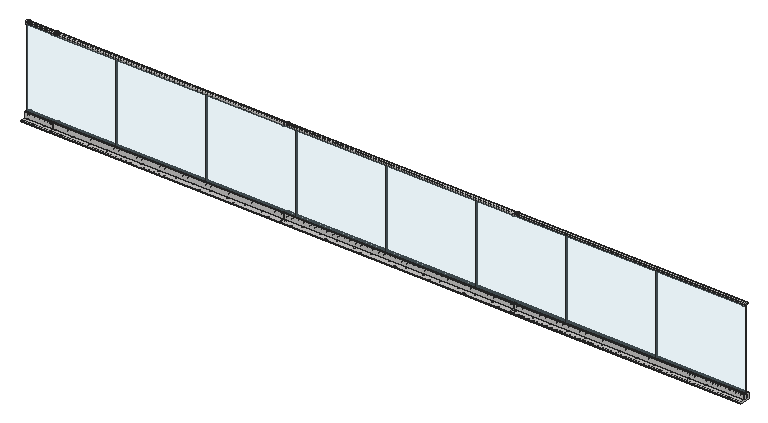
Revit family "34_LB_UNIQ_SB-O3", category Generic Models, Revit 2016
Family settings
  Part Type = Normal
  Can host rebar = No
  Round Connector Dimension = Use Diameter
  Work Plane-Based = No
  Cut with Voids When Loaded = No
  Shared = No
  Room Calculation Point = No
Parameters (values of type "UNIQ_SB-O3")
  verplatsing_passtuk [instance] = if(Passtuk_zichtbaar_omgekeerd, 0 mm, 100 mm)  # 0 mm
  Uitvoering = "RVS look (standaard) materiaal is geanodiseerd en geschik voor binnen en buitengebruik."
  URL = "https://uniq-balustrades.com/profielen/top-mounted-o/uniq-sb-o-3/"
  Profiel_zichtbaar_2 [instance] = [built-in parameter 1001306] > 7999 mm  # yes
  Profiel_zichtbaar_1 [instance] = and([built-in parameter 1001306] > 3999 mm, [built-in parameter 1001306] < 8000 mm)  # no
  Profiel_breedte_vast [instance] = 4000 mm  # constant formula
  Passtuk_zichtbaar_omgekeerd [instance] = not(Passtuk_zichtbaar)  # yes
  Passtuk_zichtbaar [instance] = or([built-in parameter 1001306] = 4000 mm, [built-in parameter 1001306] = 8000 mm, [built-in parameter 1001306] = 12000 mm, [built-in parameter 1001306] = 16000 mm, [built-in parameter 1001306] = 20000 mm, [built-in parameter 1001306] = 24000 mm, [built-in parameter 1001306] = 28000 mm, [built-in parameter 1001306] = 32000 mm, [built-in parameter 1001306] = 40000 mm)  # no
  Model = "UNIQ_SB-O3"
  Materiaal_ribber = Rubber
  Materiaal_profiel = Aluminium
  Materiaal_pakking = Pakking
  Materiaal_glas = Glass
  Materiaal_afdekker = Aluminium
  Manufacturer = "SB Railing"
  built-in parameter 1001306 [instance] = 12500 mm
  Krachten = "Geschikt voor maximaal 3 KN"
  IsExternal [instance] = no
  IfcExportAs = "IfcRailing"
  Hoogte_railing [instance] = 1500 mm
  Hoogte_glas [instance] = Hoogte_railing - 6 mm - 21.9 mm  # 1472.1 mm
  Glas_dikte = 31.5 mm
  Gasdiktes = "Geschikt voor 8/8/8 pvb, 10/10/10 pvb, 12/12 pvb en 15/15 pvb"
  FireRating [instance] = "0"
  Dikte_glas = 31.5 mm
  Description = "UNIQ SB-O3 | VLOERMONTAGE"
  Cover_front_CF-320 = no
  Cover_front_CF-312 = no
  Cover_front_CF-303 = no
  Cover_front_CF-300 = yes
  Breedte_passtuk [instance] = if([built-in parameter 1001306] > 8000 mm, [built-in parameter 1001306] - (Aantal_profielen * Profiel_breedte_vast), [built-in parameter 1001306] - 4000 mm)  # 500 mm
  Breedte_glasplaten [instance] = ([built-in parameter 1001306] - ((Aantal_glasplaten - 1) * 10 mm)) / Aantal_glasplaten  # 1553.75 mm
  Bovenrailing = yes
  Ber_breedte_passtuk_4 [instance] = if([built-in parameter 1001306] > 4000 mm, Ber_breedte_passtuk_3 - 4 mm, Ber_breedte_passtuk_3)  # 496 mm
  Ber_breedte_passtuk_3 [instance] = if(Passtuk_zichtbaar_omgekeerd, Ber_breedte_passtuk_2, 100 mm)  # 500 mm
  Ber_breedte_passtuk_2 [instance] = if([built-in parameter 1001306] > 4000 mm, Breedte_passtuk, [built-in parameter 1001306])  # 500 mm
  Ber_breedte_passtuk_5 [instance] = if([built-in parameter 1001306] > 8000 mm, Ber_breedte_passtuk_3 - (Aantal_profielen * 4 mm), Ber_breedte_passtuk_4)  # 488 mm
  Assembly Code = "34.11"
  Aantal_profielen [instance] = if([built-in parameter 1001306] < 8000 mm, 2, ([built-in parameter 1001306] / 4000 mm) - 0.5)  # 3
  Aantal_glasplaten [instance] = 8
Reference planes
  plane 1 "Center (Front/Back)": y = 0
  plane 2: z = 0
  plane 3 "Left": x = 0
  plane 4 "Right": x = 12500
  plane 5: through (0, 2, 1219.2) normal (-0.7071, 0.7071, 0)
  plane 6: x = 488
  plane 7: x = 0
  plane 8: x = 4492
  plane 9: x = 492
  plane 10: x = 4496
  plane 11: z = 1500
  plane 12: z = 6
Lines and regions (mm)
  reference lines
    curve 1: line (0, 0, 0) -> (12500, 0, 0)
Dimensions and locks
  "built-in parameter 1001306": plane 3 "Left" to plane 4 "Right"
  plane 3 "Left" to plane 4 "Right" = 12500 mm
  "verplatsing_passtuk": plane 7 to plane 3 "Left"
  equal spacing: group 1, group 2, group 3  (x3)
  plane 6 to plane 8 = 4004 mm
  locked: plane 6 to plane 9 at 4
  locked: plane 8 to plane 10 at 4
  "Ber_breedte_passtuk_5": plane 7 to plane 6
  nested 6 to nested 6 = 10 mm
  "Hoogte_railing": plane 11 to level
  plane 12 to level = 6 mm  (x2)
  aligned and locked: plane 4 "Right" to curve 1
  aligned and locked: plane 1 "Center (Front/Back)" to curve 1
  aligned and locked: plane 3 "Left" to curve 1
  aligned and locked: level to plane 2
  aligned and locked: nested 1 to level
  aligned and locked: nested 2 to level
  aligned and locked: nested 3 to level
  aligned and locked: plane 7 to nested 2  (x2)
  aligned and locked: plane 1 "Center (Front/Back)" to nested 2
  aligned and locked: plane 1 "Center (Front/Back)" to nested 1
  aligned and locked: plane 1 "Center (Front/Back)" to nested 3
  aligned and locked: nested 4 to level
  aligned and locked: plane 9 to nested 3
  aligned and locked: plane 9 to nested 1
  aligned and locked: plane 10 to nested 4
  aligned and locked: nested 6 to plane 12
  aligned and locked: plane 3 "Left" to nested 5
Nested families
  nested 1: "UNIQ_SB-O3_15.15.4" at (492, 0, 0), Lengte <- "built-in parameter 1001306", Ber_Lengte <- "Profiel_breedte_vast", visible <- "Profiel_zichtbaar_1", Hoogte <- "Hoogte_railing", Bovenrailing <- "Bovenrailing", type "UNIQ_SB-A1_8.8.2"
    with Rubber Rubber, Pakking Rubber, Materiaal_profiel Aluminium, Materiaal_afdekker Aluminium, Lengte_schroef 3950 mm, Lengte 12500 mm, Hoogte 1500 mm, HOH_schroef 100 mm, HOH_boorgat_onder 600 mm, HOH_boorgat 300 mm, Bovenrailing yes, Ber_Lengte 4000 mm, Aantal_boorgat_onder 7, Aantal_boorgat 13, Aantal 40
  nested 2: "UNIQ_SB-O3_15.15.4" at (0, 0, 0), Lengte <- "built-in parameter 1001306", Ber_Lengte <- "Ber_breedte_passtuk_5", visible <- "Passtuk_zichtbaar_omgekeerd", Hoogte <- "Hoogte_railing", Bovenrailing <- "Bovenrailing", type "UNIQ_SB-A1_8.8.2"
    with Rubber Rubber, Pakking Rubber, Materiaal_profiel Aluminium, Materiaal_afdekker Aluminium, Lengte_schroef 438 mm, Lengte 12500 mm, Hoogte 1500 mm, HOH_schroef 100 mm, HOH_boorgat_onder 600 mm, HOH_boorgat 300 mm, Bovenrailing yes, Ber_Lengte 488 mm, Aantal_boorgat_onder 2, Aantal_boorgat 2, Aantal 4
  nested 3: "UNIQ_SB-O3_15.15.4" at (492, 0, 0), Lengte <- "built-in parameter 1001306", Ber_Lengte <- "Profiel_breedte_vast", visible <- "Profiel_zichtbaar_2", Hoogte <- "Hoogte_railing", Bovenrailing <- "Bovenrailing", Materiaal_afdekker <- "Materiaal_afdekker", Materiaal_profiel <- "Materiaal_profiel", Pakking <- "Materiaal_pakking", Rubber <- "Materiaal_ribber", type "UNIQ_SB-A1_8.8.2"
    with Rubber Rubber, Pakking Pakking, Materiaal_profiel Aluminium, Materiaal_afdekker Aluminium, Lengte_schroef 3950 mm, Lengte 12500 mm, Hoogte 1500 mm, HOH_schroef 100 mm, HOH_boorgat_onder 600 mm, HOH_boorgat 300 mm, Bovenrailing yes, Ber_Lengte 4000 mm, Aantal_boorgat_onder 7, Aantal_boorgat 13, Aantal 40
  nested 4: "UNIQ_SB-O3_15.15.4" at (4496, 0, 0), Lengte <- "built-in parameter 1001306", Ber_Lengte <- "Profiel_breedte_vast", visible <- "Profiel_zichtbaar_2", Hoogte <- "Hoogte_railing", Bovenrailing <- "Bovenrailing", Materiaal_afdekker <- "Materiaal_afdekker", Materiaal_profiel <- "Materiaal_profiel", Pakking <- "Materiaal_pakking", Rubber <- "Materiaal_ribber", type "UNIQ_SB-A1_8.8.2"
    with Rubber Rubber, Pakking Pakking, Materiaal_profiel Aluminium, Materiaal_afdekker Aluminium, Lengte_schroef 3950 mm, Lengte 12500 mm, Hoogte 1500 mm, HOH_schroef 100 mm, HOH_boorgat_onder 600 mm, HOH_boorgat 300 mm, Bovenrailing yes, Ber_Lengte 4000 mm, Aantal_boorgat_onder 7, Aantal_boorgat 13, Aantal 40
  nested 5: "34_glasplaat_tbv_railing_V2" at (0, 120.75, 6), Dikte_glas <- "Dikte_glas", Hoogte_glas <- "Hoogte_glas", Aantal_glasplaten <- "Aantal_glasplaten", Ber_lengte <- "built-in parameter 1001306", type "34_glasplaat_tbv_railing_V2"
    with Lengte 12510 mm, Hoogte_glas 1472.1 mm, Dikte_glas 31.5 mm, Breedte_glasplaat 1563.75 mm, Ber_lengte 12500 mm, Aantal_glasplaten 8
  nested 6: "34_glasplaat" at (10936.25, 120.75, 6), type "34_glasplaat"
    with Lengte 1563.75 mm, Hoogte 1472.1 mm, Glas_dikte 31.5 mm, Glas_breedte 1553.75 mm, Glas Glass
  nested 7: "34_glasplaat" at (-10, 120.75, 6), type "34_glasplaat"
    with Lengte 1563.75 mm, Hoogte 1472.1 mm, Glas_dikte 31.5 mm, Glas_breedte 1553.75 mm, Glas Glass
  nested 8: "34_glasplaat" at (9372.5, 120.75, 6), type "34_glasplaat"
    with Lengte 1563.75 mm, Hoogte 1472.1 mm, Glas_dikte 31.5 mm, Glas_breedte 1553.75 mm, Glas Glass
  nested 9: "34_glasplaat" at (7808.75, 120.75, 6), type "34_glasplaat"
    with Lengte 1563.75 mm, Hoogte 1472.1 mm, Glas_dikte 31.5 mm, Glas_breedte 1553.75 mm, Glas Glass
  nested 10: "34_glasplaat" at (6245, 120.75, 6), type "34_glasplaat"
    with Lengte 1563.75 mm, Hoogte 1472.1 mm, Glas_dikte 31.5 mm, Glas_breedte 1553.75 mm, Glas Glass
  nested 11: "34_glasplaat" at (4681.25, 120.75, 6), type "34_glasplaat"
    with Lengte 1563.75 mm, Hoogte 1472.1 mm, Glas_dikte 31.5 mm, Glas_breedte 1553.75 mm, Glas Glass
  nested 12: "34_glasplaat" at (3117.5, 120.75, 6), type "34_glasplaat"
    with Lengte 1563.75 mm, Hoogte 1472.1 mm, Glas_dikte 31.5 mm, Glas_breedte 1553.75 mm, Glas Glass
  nested 13: "34_glasplaat" at (1553.75, 120.75, 6), type "34_glasplaat"
    with Lengte 1563.75 mm, Hoogte 1472.1 mm, Glas_dikte 31.5 mm, Glas_breedte 1553.75 mm, Glas Glass
  nested 14: "UNIQ_SB-O3_15.15.4" at (8500, 0, 0), Lengte <- "built-in parameter 1001306", Ber_Lengte <- "Profiel_breedte_vast", visible <- "Profiel_zichtbaar_2", Hoogte <- "Hoogte_railing", Bovenrailing <- "Bovenrailing", Materiaal_afdekker <- "Materiaal_afdekker", Materiaal_profiel <- "Materiaal_profiel", Pakking <- "Materiaal_pakking", Rubber <- "Materiaal_ribber", type "UNIQ_SB-A1_8.8.2"
    with Rubber Rubber, Pakking Pakking, Materiaal_profiel Aluminium, Materiaal_afdekker Aluminium, Lengte_schroef 3950 mm, Lengte 12500 mm, Hoogte 1500 mm, HOH_schroef 100 mm, HOH_boorgat_onder 600 mm, HOH_boorgat 300 mm, Bovenrailing yes, Ber_Lengte 4000 mm, Aantal_boorgat_onder 7, Aantal_boorgat 13, Aantal 40
Definition of nested family "UNIQ_SB-O3_15.15.4"
  Parameters (values of type "UNIQ_SB-A1_8.8.2")
    Rubber [instance] = none
    Pakking [instance] = none
    Materiaal_profiel [instance] = none
    Materiaal_afdekker [instance] = none
    Lengte_schroef [instance] = Ber_Lengte - 50 mm  # 1200 mm
    Lengte [instance] = 1250 mm
    Hoogte [instance] = 1200 mm
    HOH_schroef [instance] = if(Ber_Lengte > 200 mm, 100 mm, 20 mm)  # 100 mm
    HOH_boorgat_onder [instance] = 600 mm
    HOH_boorgat [instance] = 300 mm
    Cover_front_CF-320 = no
    Cover_front_CF-312 = no
    Cover_front_CF-303 = no
    Cover_front_CF-300 = yes
    Bovenrailing [instance] = yes
    Ber_Lengte [instance] = 1250 mm
    Aantal_boorgat_onder [instance] = if(Ber_Lengte > 900 mm, Ber_Lengte / HOH_boorgat_onder, 2)  # 2
    Aantal_boorgat [instance] = if(Ber_Lengte > 450 mm, Ber_Lengte / HOH_boorgat, 2)  # 4
    Aantal [instance] = Lengte_schroef / HOH_schroef  # 12
  Reference planes
    plane 1 "Center (Front/Back)": y = 0
    plane 2: z = 0
    plane 3 "Center (Left/Right)": x = 0
    plane 4: x = 1250
    plane 5: x = 50
    plane 6: x = 200
    plane 7: x = 1254
    plane 8: z = 1200
    plane 9: z = 1181.136
  Forms (mm)
    Sweep 1, solid, material <- "Materiaal_profiel"
      path origin (0, -19, 0) x (1, 0, 0) y (0, 1, 0)
        loop
          line (0, 0) -> (1250, 0)
      profile "Profiel_SB-O3 : Profiel_SB-A2" origin (625, -19, 0) x (0, 1, 0) y (0, 0, 1)
        loop
          line (19, 0) -> (19, -25) -> (186.5, -25) -> (186.5, 68.624) -> (176.9, 95) -> (169, 95) -> (169, 92) -> (167.6, 92) -> (167.6, 95) -> (159.1, 95) -> (159.1, 84) -> (156.5, 84) -> (156.5, 5) -> (112, 5) -> (100, 49.785) -> (100, 84) -> (97.4, 84) -> (97.4, 95) -> (95.9, 95) -> (95.9, 92) -> (94.5, 92) -> (94.5, 95) -> (93, 95) -> (93, 5) -> (-6.936, 5) -> (-6.936, 0) -> (19, 0)
    Sweep 2, solid, material <- "Pakking"
      path origin (0, -639, 0) x (1, 0, 0) y (0, 1, 0)
        loop
          line (0, 620) -> (1250, 620)
      profile "Rubber_onder_SB-O3 : Rubber_onder" origin (625, -19, 0) x (0, 1, 0) y (0, 0, 1)
        loop
          line (156.5, 6) -> (121.98, 6) -> (121.98, 5) -> (156.5, 5) -> (156.5, 6)
    Sweep 3, solid, material <- "Pakking"
      path origin (0, -899, 0) x (1, 0, 0) y (0, 1, 0)
        loop
          line (0, 880) -> (1250, 880)
      profile "Rubber_voor_SB-O3 : Rubber_voor" origin (625, -19, 0) x (0, 1, 0) y (0, 0, 1)
        loop
          line (156.5, 95) -> (155.5, 95) -> (155.5, 6) -> (156.5, 6) -> (156.5, 95)
    Sweep 4, solid
      path origin (0, -1119, 0) x (1, 0, 0) y (0, 1, 0)
        loop
          line (0, 1100) -> (1250, 1100)
      profile "Stelprofiel_01_SB-O3 : Stelprofiel_01" origin (625, -19, 0) x (0, 1, 0) y (0, 0, 1)
        loop
          line (107.48, 60.729) -> (111.828, 60.729) -> (115.132, 17.229) -> (108.723, 17.229) -> (110.733, 9.729) -> (121.98, 9.729) -> (121.98, 79.729) -> (107.48, 79.729) -> (107.48, 60.729)
    Sweep 5, solid, material <- "Materiaal_afdekker"
      path origin (0, -2079, 0) x (1, 0, 0) y (0, 1, 0)
        loop
          line (0, 2060) -> (1250, 2060)
      profile "Afdekker_achter_01_SB-O3 : Afdekker_achter_01" origin (625, -19, 0) x (0, 1, 0) y (0, 0, 1)
        loop
          line (93, 96.3) -> (93, 95) -> (94.5, 95) -> (94.5, 92) -> (95.9, 92) -> (95.9, 95) -> (97.4, 95) -> (97.4, 84) -> (99, 84) -> (99, 95.2) -> (110.9, 95.2) -> (110.9, 88.1) -> (120.011, 88.1) -> (120.011, 89.2) -> (112, 89.2) -> (112, 95.2) -> (120.011, 95.2) -> (120.011, 96.3) -> (93, 96.3)
    Sweep 6, solid, material <- "Rubber"
      path origin (0, -1359, 0) x (1, 0, 0) y (0, 1, 0)
        loop
          line (0, 1340) -> (1250, 1340)
      profile "Afdekker_achter_02_SB-O3 : Afdekker_achter_02" origin (625, -19, 0) x (0, 1, 0) y (0, 0, 1)
        loop
          line (121.052, 90.096) -> (123.98, 98.73) -> (123.98, 99.73) -> (123.118, 99.73) -> (120.96, 95.2) -> (113.91, 95.2) -> (112, 93.966) -> (112, 90.434) -> (113.91, 89.2) -> (121.05, 89.2) -> (121.052, 90.096)
    Sweep 7, solid, not visible
      path origin (-1900, -1400, 0) x (1, 0, 0) y (0, 1, 0)
        loop
          line (621, 1400) -> (629, 1400)
      profile "Stelprofiel_02 : Stelprofiel_02" origin (-1275, 0, 0) x (0, 1, 0) y (0, 0, 1)
        loop
          line (9, 166.532) -> (13.74, 166.532) -> (13.74, 174.532) -> (9, 174.532) -> (9, 166.532)
    Sweep 8, solid, not visible
      path origin (-1900, -1680, 0) x (1, 0, 0) y (0, 1, 0)
        loop
          line (617.493, 1680) -> (632.507, 1680)
      profile "Stelprofiel_03 : Stelprofiel_03" origin (-1275, 0, 0) x (0, 1, 0) y (0, 0, 1)
        loop
          line (9, 163.024) -> (9, 178.039) -> (6.758, 178.039) -> (6, 176.096) -> (6, 164.966) -> (6.757, 163.024) -> (9, 163.024)
    Extrusion 9, void, not visible
      sketch origin (-1279, 13.74, 174.532) x (-1, 0, 0) y (0, 0, -1)
        loop
          line (-9, 9) -> (-9, -1) -> (1, -1) -> (1, 9) -> (-9, 9)
        loop
          circle (-4, 4) r 4
      from -7.62 to 4.74
    Extrusion 10, void, not visible
      sketch origin (-1279, 13.74, 174.532) x (-1, 0, 0) y (0, 0, -1)
        loop
          line (-12.507, -4.507) -> (4.507, -4.507) -> (4.507, 12.507) -> (-12.507, 12.507) -> (-12.507, -4.507)
        loop
          line (-6.507, 11.507) -> (-11.507, 6.507) -> (-11.507, 1.493) -> (-6.507, -3.507) -> (-1.493, -3.507) -> (3.507, 1.493) -> (3.507, 6.507) -> (-1.493, 11.507) -> (-6.507, 11.507)
      from 4.74 to 9.74
    Sweep 11, solid, not visible
      path origin (-1900, -1400, 0) x (1, 0, 0) y (0, 1, 0)
        loop
          line (621, 1400) -> (629, 1400)
      profile "Stelprofiel_02 : Stelprofiel_02" origin (-1275, 0, 0) x (0, 1, 0) y (0, 0, 1)
        loop
          line (9, 166.532) -> (13.74, 166.532) -> (13.74, 174.532) -> (9, 174.532) -> (9, 166.532)
    Sweep 12, solid, not visible
      path origin (-1900, -1680, 0) x (1, 0, 0) y (0, 1, 0)
        loop
          line (617.493, 1680) -> (632.507, 1680)
      profile "Stelprofiel_03 : Stelprofiel_03" origin (-1275, 0, 0) x (0, 1, 0) y (0, 0, 1)
        loop
          line (9, 163.024) -> (9, 178.039) -> (6.758, 178.039) -> (6, 176.096) -> (6, 164.966) -> (6.757, 163.024) -> (9, 163.024)
    Extrusion 13, void, not visible
      sketch origin (-1279, 13.74, 174.532) x (-1, 0, 0) y (0, 0, -1)
        loop
          line (-9, 9) -> (-9, -1) -> (1, -1) -> (1, 9) -> (-9, 9)
        loop
          circle (-4, 4) r 4
      from -7.62 to 4.74
    Extrusion 14, void, not visible
      sketch origin (-1279, 13.74, 174.532) x (-1, 0, 0) y (0, 0, -1)
        loop
          line (-12.507, -4.507) -> (4.507, -4.507) -> (4.507, 12.507) -> (-12.507, 12.507) -> (-12.507, -4.507)
        loop
          line (-6.507, 11.507) -> (-11.507, 6.507) -> (-11.507, 1.493) -> (-6.507, -3.507) -> (-1.493, -3.507) -> (3.507, 1.493) -> (3.507, 6.507) -> (-1.493, 11.507) -> (-6.507, 11.507)
      from 4.74 to 9.74
    Extrusion 15, void
      sketch origin (162.168, -28.5, 1.992) x (1, 0, 0) y (0, 1, 0)
        loop
          arc (-117.168, 92.5) -> (-123.168, 86.5) -> (-117.168, 80.5) r 6
          line (-117.168, 80.5) -> (-107.168, 80.5)
          arc (-107.168, 80.5) -> (-101.168, 86.5) -> (-107.168, 92.5) r 6
          line (-107.168, 92.5) -> (-117.168, 92.5)
      from -26.992 to 3.008
    Extrusion 16, void, not visible
      sketch origin (210, -9.5, 1.992) x (1, 0, 0) y (0, 1, 0)
        loop
          arc (-117.168, 92.5) -> (-123.168, 86.5) -> (-117.168, 80.5) r 6
          line (-117.168, 80.5) -> (-107.168, 80.5)
          arc (-107.168, 80.5) -> (-101.168, 86.5) -> (-107.168, 92.5) r 6
          line (-107.168, 92.5) -> (-117.168, 92.5)
      from -26.992 to 3.008
    Extrusion 17, void
      sketch origin (462.168, -28.5, 1.992) x (1, 0, 0) y (0, 1, 0)
        loop
          arc (-117.168, 92.5) -> (-123.168, 86.5) -> (-117.168, 80.5) r 6
          line (-117.168, 80.5) -> (-107.168, 80.5)
          arc (-107.168, 80.5) -> (-101.168, 86.5) -> (-107.168, 92.5) r 6
          line (-107.168, 92.5) -> (-117.168, 92.5)
      from -26.992 to 3.008
    Extrusion 18, void
      sketch origin (274.606, -27.256, 25) x (0, -1, 0) y (1, 0, 0)
        loop
          line (-9.257, -80.606) -> (-9.257, -68.606)
          arc (-9.257, -68.606) -> (-11.014, -64.363) -> (-15.257, -62.606) r 6
          arc (-15.257, -62.606) -> (-19.499, -64.363) -> (-21.257, -68.606) r 6
          line (-21.257, -68.606) -> (-21.257, -80.606)
          arc (-21.257, -80.606) -> (-19.499, -84.848) -> (-15.257, -86.606) r 6
          arc (-15.257, -86.606) -> (-11.014, -84.848) -> (-9.257, -80.606) r 6
      from -25 to -20
    Extrusion 19, void, not visible
      sketch origin (274.606, -8.256, 25) x (0, -1, 0) y (1, 0, 0)
        loop
          line (-9.257, -80.606) -> (-9.257, -68.606)
          arc (-9.257, -68.606) -> (-11.014, -64.363) -> (-15.257, -62.606) r 6
          arc (-15.257, -62.606) -> (-19.499, -64.363) -> (-21.257, -68.606) r 6
          line (-21.257, -68.606) -> (-21.257, -80.606)
          arc (-21.257, -80.606) -> (-19.499, -84.848) -> (-15.257, -86.606) r 6
          arc (-15.257, -86.606) -> (-11.014, -84.848) -> (-9.257, -80.606) r 6
      from -25 to -20
    Extrusion 20, void
      sketch origin (874.606, -27.256, 25) x (0, -1, 0) y (1, 0, 0)
        loop
          line (-9.257, -80.606) -> (-9.257, -68.606)
          arc (-9.257, -68.606) -> (-11.014, -64.363) -> (-15.257, -62.606) r 6
          arc (-15.257, -62.606) -> (-19.499, -64.363) -> (-21.257, -68.606) r 6
          line (-21.257, -68.606) -> (-21.257, -80.606)
          arc (-21.257, -80.606) -> (-19.499, -84.848) -> (-15.257, -86.606) r 6
          arc (-15.257, -86.606) -> (-11.014, -84.848) -> (-9.257, -80.606) r 6
      from -25 to -20
    Extrusion 21, void
      sketch origin (762.168, -28.5, 1.992) x (1, 0, 0) y (0, 1, 0)
        loop
          arc (-117.168, 92.5) -> (-123.168, 86.5) -> (-117.168, 80.5) r 6
          line (-117.168, 80.5) -> (-107.168, 80.5)
          arc (-107.168, 80.5) -> (-101.168, 86.5) -> (-107.168, 92.5) r 6
          line (-107.168, 92.5) -> (-117.168, 92.5)
      from -26.992 to 3.008
    Extrusion 22, void
      sketch origin (1062.168, -28.5, 1.992) x (1, 0, 0) y (0, 1, 0)
        loop
          arc (-117.168, 92.5) -> (-123.168, 86.5) -> (-117.168, 80.5) r 6
          line (-117.168, 80.5) -> (-107.168, 80.5)
          arc (-107.168, 80.5) -> (-101.168, 86.5) -> (-107.168, 92.5) r 6
          line (-107.168, 92.5) -> (-117.168, 92.5)
      from -26.992 to 3.008
    Extrusion 23, solid, material <- "Materiaal_afdekker", visible <- "Bovenrailing"
      sketch origin (0, 101.89, 0) x (0, 1, 0) y (0, 0, 1)
        loop
          arc (37.635, 1146.268) -> (36.472, 1146.137) -> (35.85, 1147.128) r 1.1
          line (35.85, 1147.128) -> (35.85, 1181.136) -> (1.85, 1181.136) -> (1.85, 1147.128)
          arc (1.85, 1147.128) -> (1.227, 1146.137) -> (0.064, 1146.268) r 1.1
          arc (0.064, 1146.268) -> (18.85, 1200) -> (37.635, 1146.268) r 30.15
        loop
          line (37.35, 1147.974) -> (37.35, 1182.636) -> (0.35, 1182.636) -> (0.35, 1147.974)
          arc (0.35, 1147.974) -> (18.85, 1198.5) -> (37.35, 1147.974) r 28.65
      from 0 to 1250
    Extrusion 24, solid, material <- "Rubber", visible <- "Bovenrailing"
      sketch origin (0, 101.89, -4.375) x (0, 1, 0) y (0, 0, 1)
        loop
          line (3.09, 1182.511) -> (34.61, 1182.511) -> (34.61, 1150.263) -> (35.85, 1151.503) -> (35.85, 1184.011)
          arc (35.85, 1184.011) -> (35.41, 1185.072) -> (34.35, 1185.511) r 1.5
          line (34.35, 1185.511) -> (30.85, 1185.511) -> (29.789, 1184.451) -> (7.91, 1184.451) -> (6.85, 1185.511) -> (3.35, 1185.511)
          arc (3.35, 1185.511) -> (2.289, 1185.072) -> (1.85, 1184.011) r 1.5
          line (1.85, 1184.011) -> (1.85, 1151.503) -> (3.09, 1150.263) -> (3.09, 1182.511)
        loop
          line (7.501, 1183.652) -> (6.143, 1185.011) -> (4.59, 1185.011)
          arc (4.59, 1185.011) -> (3.766, 1184.578) -> (3.656, 1183.652) r 1
          line (3.656, 1183.652) -> (7.501, 1183.652)
        loop
          arc (34.043, 1183.652) -> (33.934, 1184.578) -> (33.11, 1185.011) r 1
          line (33.11, 1185.011) -> (31.557, 1185.011) -> (30.198, 1183.652) -> (34.043, 1183.652)
      from 0 to 1250
  Cuts and joins
    Extrusion 15, Extrusion 17, Extrusion 18, Extrusion 20, Extrusion 21, Extrusion 22 cuts Sweep 1
  Lines and regions (mm)
    model lines, not visible
      curve 1: circle (-1275, 13.74, 170.532) r 4 normal (0, 1, 0)
      curve 2: circle (-1275, 13.74, 170.532) r 4 normal (0, 1, 0)
      curve 3: line (-1275, 9, 0) -> (-1275, 13.74, 0)
  Dimensions and locks
    "Ber_Lengte": plane 3 "Center (Left/Right)" to plane 4
    "Lengte_schroef": plane 5 to plane 4
    equal spacing: group 3, group 5, group 14, group 15  (x3)
    group 6 to group 8 = 600 mm
    group 6 to group 8 = 0 mm  (x2)
    plane 6 to plane 3 "Center (Left/Right)" = 200 mm  (x2)
    plane 5 to plane 3 "Center (Left/Right)" = 50 mm  (x2)
    equal spacing: group 9, group 10, group 11, group 12, group 13, group 16, group 17, group 18, group 19, group 20, group 21, group 22  (x3)
    plane 3 "Center (Left/Right)" to plane 4 = 1250 mm
    locked: plane 4 to plane 7 at 4
    "Hoogte": plane 8 to level
    locked: plane 8 to plane 9 at 18.864
    aligned and locked: level to plane 2
    aligned and locked: plane 4 to Sweep 1 sketch curve
    aligned and locked: plane 3 "Center (Left/Right)" to Sweep 1 sketch curve
    aligned and locked: plane 4 to Sweep 2 sketch curve
    aligned and locked: plane 3 "Center (Left/Right)" to Sweep 2 sketch curve
    aligned and locked: plane 3 "Center (Left/Right)" to Sweep 3 sketch curve
    aligned and locked: plane 4 to Sweep 3 sketch curve
    aligned and locked: plane 3 "Center (Left/Right)" to Sweep 4 sketch curve
    aligned and locked: plane 4 to Sweep 4 sketch curve
    aligned and locked: plane 3 "Center (Left/Right)" to Sweep 5 sketch curve
    aligned and locked: plane 4 to Sweep 5 sketch curve
    aligned and locked: plane 3 "Center (Left/Right)" to Sweep 6 sketch curve
    aligned and locked: plane 4 to Sweep 6 sketch curve
    aligned and locked: plane 5 to nested 1
    aligned and locked: plane 3 "Center (Left/Right)" to nested 13
    aligned and locked: plane 1 "Center (Front/Back)" to nested 13
    aligned and locked: plane 3 "Center (Left/Right)" to nested 14
    aligned and locked: plane 1 "Center (Front/Back)" to nested 14
    aligned and locked: plane 3 "Center (Left/Right)" to nested 15
    aligned and locked: plane 1 "Center (Front/Back)" to nested 15
    aligned and locked: plane 1 "Center (Front/Back)" to nested 16
    aligned and locked: plane 4 to Extrusion 23
    aligned and locked: plane 4 to Extrusion 24
  Automatic sketch dimensions
    Sweep 8 sketch curve to Sweep 8 sketch curve = 15.015 mm
    Sweep 7 to Extrusion 9 sketch curve = 1 mm  (x2)
    Extrusion 9 sketch curve to Sweep 7 = 4 mm
    Extrusion 9 sketch curve to Sweep 7 = 1 mm  (x2)
    Sweep 7 to Extrusion 9 sketch curve = 4 mm
    Sweep 7 to Extrusion 10 sketch curve = 4.507 mm  (x2)
    Sweep 7 to Extrusion 10 sketch curve = 1.493 mm  (x4)
    Sweep 7 to Extrusion 10 sketch curve = 3.507 mm  (x2)
    Extrusion 10 sketch curve to Sweep 7 = 1.493 mm  (x4)
    Extrusion 10 sketch curve to Sweep 7 = 3.507 mm  (x2)
    Extrusion 10 sketch curve to Sweep 7 = 4.507 mm  (x2)
    Sweep 7 sketch curve to Sweep 7 sketch curve = 8 mm
    Sweep 12 sketch curve to Sweep 12 sketch curve = 15.015 mm
    Sweep 11 to Extrusion 13 sketch curve = 1 mm  (x2)
    Extrusion 13 sketch curve to Sweep 11 = 4 mm
    Extrusion 13 sketch curve to Sweep 11 = 1 mm  (x2)
    Sweep 11 to Extrusion 13 sketch curve = 4 mm
    Sweep 11 to Extrusion 14 sketch curve = 4.507 mm  (x2)
    Sweep 11 to Extrusion 14 sketch curve = 1.493 mm  (x4)
    Sweep 11 to Extrusion 14 sketch curve = 3.507 mm  (x2)
    Extrusion 14 sketch curve to Sweep 11 = 1.493 mm  (x4)
    Extrusion 14 sketch curve to Sweep 11 = 3.507 mm  (x2)
    Extrusion 14 sketch curve to Sweep 11 = 4.507 mm  (x2)
    Sweep 11 sketch curve to Sweep 11 sketch curve = 8 mm
    curve 3 to curve 3 = 4.74 mm
    plane 1 "Center (Front/Back)" to Sweep 1 sketch curve = 19 mm
    plane 1 "Center (Front/Back)" to Sweep 2 sketch curve = 19 mm
    plane 1 "Center (Front/Back)" to Sweep 3 sketch curve = 19 mm
    plane 1 "Center (Front/Back)" to Sweep 4 sketch curve = 19 mm
    plane 1 "Center (Front/Back)" to Sweep 5 sketch curve = 19 mm
    plane 1 "Center (Front/Back)" to Sweep 6 sketch curve = 19 mm
    Extrusion 20 sketch curve to Extrusion 20 sketch curve = 0 mm  (x4)
    Extrusion 20 sketch curve to Extrusion 20 sketch curve = 6 mm
    Extrusion 20 sketch curve to Extrusion 20 sketch curve = 12 mm
    Extrusion 18 sketch curve to Extrusion 18 sketch curve = 0 mm  (x4)
    Extrusion 18 sketch curve to Extrusion 18 sketch curve = 6 mm
    Extrusion 18 sketch curve to Extrusion 18 sketch curve = 12 mm
    Extrusion 19 sketch curve to Extrusion 19 sketch curve = 0 mm  (x4)
    Extrusion 19 sketch curve to Extrusion 19 sketch curve = 6 mm
    Extrusion 19 sketch curve to Extrusion 19 sketch curve = 12 mm
    Extrusion 15 sketch curve to Extrusion 15 sketch curve = 10 mm
    Extrusion 15 sketch curve to Extrusion 15 sketch curve = 6 mm
    Extrusion 16 sketch curve to Extrusion 16 sketch curve = 10 mm
    Extrusion 16 sketch curve to Extrusion 16 sketch curve = 6 mm
    Extrusion 17 sketch curve to Extrusion 17 sketch curve = 10 mm
    Extrusion 17 sketch curve to Extrusion 17 sketch curve = 6 mm
    Extrusion 21 sketch curve to Extrusion 21 sketch curve = 10 mm
    Extrusion 21 sketch curve to Extrusion 21 sketch curve = 6 mm
    Extrusion 22 sketch curve to Extrusion 22 sketch curve = 10 mm
    Extrusion 22 sketch curve to Extrusion 22 sketch curve = 6 mm
    Extrusion 23 sketch curve to Extrusion 23 sketch curve = 0 mm  (x4)
    Extrusion 23 sketch curve to plane 1 "Center (Front/Back)" = 102.24 mm
    Extrusion 23 sketch curve to Extrusion 23 sketch curve = 0.4 mm
    Extrusion 23 sketch curve to Extrusion 23 sketch curve = 1.5 mm  (x3)
    Extrusion 23 sketch curve to Extrusion 23 sketch curve = 17 mm  (x2)
    Extrusion 23 sketch curve to Extrusion 23 sketch curve = 1.1 mm
    Extrusion 23 sketch curve to Extrusion 23 sketch curve = 11.286 mm
    Extrusion 23 sketch curve to Extrusion 23 sketch curve = 21.876 mm
    Extrusion 23 sketch curve to Extrusion 23 sketch curve = 0.846 mm  (x2)
    Extrusion 23 sketch curve to plane 9 = 0 mm
    Extrusion 24 sketch curve to plane 9 = 0 mm  (x2)
    Extrusion 24 sketch curve to plane 1 "Center (Front/Back)" = 103.74 mm
    Extrusion 24 sketch curve to Extrusion 24 sketch curve = 1.24 mm  (x6)
    Extrusion 24 sketch curve to plane 9 = 1.5 mm
    Extrusion 24 sketch curve to Extrusion 24 sketch curve = 0.307 mm
    Extrusion 24 sketch curve to plane 9 = 0.5 mm  (x2)
    Extrusion 24 sketch curve to Extrusion 24 sketch curve = 1.553 mm  (x2)
    Extrusion 24 sketch curve to Extrusion 24 sketch curve = 0.707 mm  (x2)
    Extrusion 24 sketch curve to Extrusion 24 sketch curve = 1.359 mm
    Extrusion 24 sketch curve to plane 9 = 1.061 mm
    Extrusion 24 sketch curve to Extrusion 24 sketch curve = 0.409 mm  (x2)
    Extrusion 24 sketch curve to Extrusion 24 sketch curve = 21.879 mm
    Extrusion 24 sketch curve to Extrusion 24 sketch curve = 1.061 mm
    Extrusion 24 sketch curve to Extrusion 24 sketch curve = 0.933 mm
    Extrusion 24 sketch curve to Extrusion 24 sketch curve = 0.567 mm
    Extrusion 24 sketch curve to Extrusion 24 sketch curve = 32.508 mm
    Extrusion 24 sketch curve to Extrusion 24 sketch curve = 1.5 mm
    Extrusion 24 sketch curve to Extrusion 24 sketch curve = 0.359 mm  (x2)
    Extrusion 24 sketch curve to Extrusion 24 sketch curve = 0 mm
    radius of Extrusion 9 sketch curve = 4 mm
    radius of Extrusion 13 sketch curve = 4 mm
  Nested families
    nested 1: "06_Stelprofiel_04_SCHROEF_SB-O3" at (42.5, 0, 0), type "06_Stelprofiel_04_SCHROEF"
    nested 2: "06_Stelprofiel_04_SCHROEF_SB-O3" at (142.5, 0, 0), type "06_Stelprofiel_04_SCHROEF"
    nested 3: "06_Stelprofiel_04_SCHROEF_SB-O3" at (242.5, 0, 0), type "06_Stelprofiel_04_SCHROEF"
    nested 4: "06_Stelprofiel_04_SCHROEF_SB-O3" at (342.5, 0, 0), type "06_Stelprofiel_04_SCHROEF"
    nested 5: "06_Stelprofiel_04_SCHROEF_SB-O3" at (442.5, 0, 0), type "06_Stelprofiel_04_SCHROEF"
    nested 6: "06_Stelprofiel_04_SCHROEF_SB-O3" at (542.5, 0, 0), type "06_Stelprofiel_04_SCHROEF"
    nested 7: "06_Stelprofiel_04_SCHROEF_SB-O3" at (642.5, 0, 0), type "06_Stelprofiel_04_SCHROEF"
    nested 8: "06_Stelprofiel_04_SCHROEF_SB-O3" at (742.5, 0, 0), type "06_Stelprofiel_04_SCHROEF"
    nested 9: "06_Stelprofiel_04_SCHROEF_SB-O3" at (842.5, 0, 0), type "06_Stelprofiel_04_SCHROEF"
    nested 10: "06_Stelprofiel_04_SCHROEF_SB-O3" at (942.5, 0, 0), type "06_Stelprofiel_04_SCHROEF"
    nested 11: "06_Stelprofiel_04_SCHROEF_SB-O3" at (1042.5, 0, 0), type "06_Stelprofiel_04_SCHROEF"
    nested 12: "06_Stelprofiel_04_SCHROEF_SB-O3" at (1142.5, 0, 0), type "06_Stelprofiel_04_SCHROEF"
    nested 13: "Cover_front_CF-303_SB-O3" at (0, 0, 0), Lengte <- "Ber_Lengte", visible <- "Cover_front_CF-303", Materiaal <- "Materiaal_afdekker", type "std"
      with Materiaal none, Lengte 1250 mm
    nested 14: "Cover_front_CF-312_SB-O3" at (0, 0, 0), Lengte <- "Ber_Lengte", visible <- "Cover_front_CF-312", Materiaal <- "Materiaal_afdekker", type "std"
      with Materiaal none, Lengte 1250 mm
    nested 15: "Cover_front_CF-320_SB-O3" at (0, 0, 0), Lengte <- "Ber_Lengte", visible <- "Cover_front_CF-320", Materiaal <- "Materiaal_afdekker", type "std"
      with Materiaal none, Lengte 1250 mm
    nested 16: "Cover_front_CF-300_SB-O3" at (0, 0, 0), Lengte <- "Ber_Lengte", visible <- "Cover_front_CF-300", Materiaal <- "Materiaal_afdekker", type "std"
      with Materiaal none, Lengte 1250 mm
  Definition of nested family "06_Stelprofiel_04_SCHROEF_SB-O3"
    Reference planes
      plane 1 "Center (Front/Back)": y = 0
      plane 2: z = 0
      plane 3 "Center (Left/Right)": x = 0
    Forms (mm)
      Extrusion 1, solid
        sketch origin (0, 88.48, -101.772) x (1, 0, 0) y (0, 0, 1)
          loop
            circle (7.504, 170.535) r 3.996
        from 0 to 4.48
      Sweep 2, solid
        path origin (0, 94, -101.772) x (1, 0, 0) y (0, 1, 0)
          loop
            line (0, 0) -> (15, 0)
        profile "06_Stelprofiel_03 : 06_Stelprofiel_03" origin (7.5, 94, -101.772) x (0, 1, 0) y (0, 0, 1)
          loop
            line (-12.243, 163.024) -> (-10, 163.024) -> (-10, 178.038) -> (-12.242, 178.038) -> (-13, 176.096) -> (-13, 164.966) -> (-12.243, 163.024)
      Extrusion 3, void
        sketch origin (0, 88.74, -101.772) x (1, 0, 0) y (0, 0, 1)
          loop
            line (16, 179.038) -> (-1, 179.038) -> (-1, 162.024) -> (16, 162.024) -> (16, 179.038)
          loop
            line (15, 173.038) -> (10, 178.038) -> (5, 178.038) -> (0, 173.038) -> (0, 168.024) -> (5, 163.024) -> (10, 163.024) -> (15, 168.024) -> (15, 173.038)
        from 4.74 to 7.74
      Extrusion 4, solid, not visible
        sketch origin (0, 88.48, -101.772) x (1, 0, 0) y (0, 0, 1)
          loop
            circle (7.504, 170.535) r 3.996
        from 0 to 4.48
      Sweep 5, solid, not visible
        path origin (0, 94, -101.772) x (1, 0, 0) y (0, 1, 0)
          loop
            line (0, 0) -> (15, 0)
        profile "06_Stelprofiel_03 : 06_Stelprofiel_03" origin (7.5, 94, -101.772) x (0, 1, 0) y (0, 0, 1)
          loop
            line (-12.243, 163.024) -> (-10, 163.024) -> (-10, 178.038) -> (-12.242, 178.038) -> (-13, 176.096) -> (-13, 164.966) -> (-12.243, 163.024)
      Extrusion 6, void, not visible
        sketch origin (0, 88.74, -101.772) x (1, 0, 0) y (0, 0, 1)
          loop
            line (16, 179.038) -> (-1, 179.038) -> (-1, 162.024) -> (16, 162.024) -> (16, 179.038)
          loop
            line (15, 173.038) -> (10, 178.038) -> (5, 178.038) -> (0, 173.038) -> (0, 168.024) -> (5, 163.024) -> (10, 163.024) -> (15, 168.024) -> (15, 173.038)
        from 4.74 to 7.74
    Cuts and joins
      Extrusion 3 cuts Sweep 2
    Lines and regions (mm)
      model lines
        curve 1: line (7.5, -4.74, 0) -> (7.5, 0, 0)
      model lines, not visible
        curve 2: line (7.5, -4.74, 0) -> (7.5, 0, 0)
    Dimensions and locks
      aligned and locked: level to plane 2
  Definition of nested family "Cover_front_CF-303_SB-O3"
    Parameters (values of type "std")
      Materiaal [instance] = none
      Lengte [instance] = 1828.168 mm
    Reference planes
      plane 1 "Center (Front/Back)": y = 0
      plane 2: z = 0
      plane 3 "Center (Left/Right)": x = 0
      plane 4: x = 1828.168
    Forms (mm)
      Sweep 1, solid, material <- "Materiaal"
        path origin (0, 0, 0) x (1, 0, 0) y (0, 1, 0)
          loop
            line (0, 0) -> (1828.168, 0)
        profile "Afdekker_voor_CF-303_SB-O3 : Afdekker_voor_CF-103" origin (914.084, 0, 0) x (0, 1, 0) y (0, 0, 1)
          loop
            line (150, 92) -> (150, 95) -> (170.4, 95)
            arc (170.4, 95) -> (170.753, 94.854) -> (170.9, 94.5) r 0.5
            line (170.9, 94.5) -> (170.9, 86.981) -> (172.1, 86.981) -> (172.1, 94.5)
            arc (172.1, 94.5) -> (171.602, 95.702) -> (170.4, 96.2) r 1.7
            line (170.4, 96.2) -> (137, 96.2) -> (137, 95) -> (138.5, 95) -> (138.5, 84) -> (140.1, 84) -> (140.1, 95) -> (148.6, 95) -> (148.6, 92) -> (150, 92)
    Dimensions and locks
      "Lengte": plane 3 "Center (Left/Right)" to plane 4
      aligned and locked: level to plane 2
      aligned and locked: plane 1 "Center (Front/Back)" to Sweep 1 sketch curve
      aligned and locked: plane 4 to Sweep 1 sketch curve
    Automatic sketch dimensions
      plane 3 "Center (Left/Right)" to Sweep 1 sketch curve = 0 mm
  Definition of nested family "Cover_front_CF-312_SB-O3"
    Parameters (values of type "std")
      Materiaal [instance] = none
      Lengte [instance] = 1828.168 mm
    Types (2): name
      std
      Cover_front_CF-112
    Reference planes
      plane 1 "Center (Front/Back)": y = 0
      plane 2: z = 0
      plane 3 "Center (Left/Right)": x = 0
      plane 4: x = 1828.168
    Forms (mm)
      Sweep 1, solid, material <- "Materiaal"
        path origin (0, 0, 0) x (1, 0, 0) y (0, 1, 0)
          loop
            line (0, 0) -> (1828.168, 0)
        profile "Afdekker_voor_CF-312_SB-O3 : Afdekker_voor_CF-112" origin (914.084, 0, 0) x (0, 1, 0) y (0, 0, 1)
          loop
            line (150, 92) -> (150, 95) -> (179.4, 95)
            arc (179.4, 95) -> (179.753, 94.854) -> (179.9, 94.5) r 0.5
            line (179.9, 94.5) -> (179.9, 87) -> (181.1, 87) -> (181.1, 94.5)
            arc (181.1, 94.5) -> (180.602, 95.702) -> (179.4, 96.2) r 1.7
            line (179.4, 96.2) -> (137.01, 96.2) -> (137.01, 95) -> (138.5, 95) -> (138.5, 84) -> (140.1, 84) -> (140.1, 95) -> (148.6, 95) -> (148.6, 92) -> (150, 92)
    Dimensions and locks
      "Lengte": plane 3 "Center (Left/Right)" to plane 4
      aligned and locked: level to plane 2
      aligned and locked: plane 1 "Center (Front/Back)" to Sweep 1 sketch curve
      aligned and locked: plane 4 to Sweep 1 sketch curve
    Automatic sketch dimensions
      plane 3 "Center (Left/Right)" to Sweep 1 sketch curve = 0 mm
  Definition of nested family "Cover_front_CF-320_SB-O3"
    Parameters (values of type "std")
      Materiaal [instance] = none
      Lengte [instance] = 1828.168 mm
    Types (2): name
      std
      Cover_front_CF-120
    Reference planes
      plane 1 "Center (Front/Back)": y = 0
      plane 2: z = 0
      plane 3 "Center (Left/Right)": x = 0
      plane 4: x = 1828.168
    Forms (mm)
      Sweep 1, solid, material <- "Materiaal"
        path origin (0, 0, 0) x (1, 0, 0) y (0, 1, 0)
          loop
            line (0, 0) -> (1828.168, 0)
        profile "Afdekker_voor_CF-320_SB-O3 : Afdekker_voor_CF-120" origin (914.084, 0, 0) x (0, 1, 0) y (0, 0, 1)
          loop
            line (150, 92) -> (150, 95) -> (187.4, 95)
            arc (187.4, 95) -> (187.753, 94.854) -> (187.9, 94.5) r 0.5
            line (187.9, 94.5) -> (187.9, 86.986) -> (189.1, 86.986) -> (189.1, 94.5)
            arc (189.1, 94.5) -> (188.602, 95.702) -> (187.4, 96.2) r 1.7
            line (187.4, 96.2) -> (136.957, 96.2) -> (136.957, 95) -> (138.5, 95) -> (138.5, 84) -> (140.1, 84) -> (140.1, 95) -> (148.6, 95) -> (148.6, 92) -> (150, 92)
    Dimensions and locks
      "Lengte": plane 3 "Center (Left/Right)" to plane 4
      aligned and locked: level to plane 2
      aligned and locked: plane 1 "Center (Front/Back)" to Sweep 1 sketch curve
      aligned and locked: plane 4 to Sweep 1 sketch curve
    Automatic sketch dimensions
      plane 3 "Center (Left/Right)" to Sweep 1 sketch curve = 0 mm
  Definition of nested family "Cover_front_CF-300_SB-O3"
    Parameters (values of type "std")
      Materiaal [instance] = none
      Lengte [instance] = 1828.168 mm
    Reference planes
      plane 1 "Center (Front/Back)": y = 0
      plane 2: z = 0
      plane 3 "Center (Left/Right)": x = 0
      plane 4: x = 1828.168
    Forms (mm)
      Sweep 1, solid, material <- "Materiaal"
        path origin (0, 0, 0) x (1, 0, 0) y (0, 1, 0)
          loop
            line (0, 0) -> (1828.168, 0)
        profile "Afdekker_voor_CF-100_SB-O3 : Afdekker_voor_CF-100" origin (914.084, 0, 0) x (0, 1, 0) y (0, 0, 1)
          loop
            line (150, 92) -> (150, 95) -> (156.787, 95) -> (156.387, 96.1) -> (136.989, 96.1) -> (136.989, 95) -> (138.5, 95) -> (138.5, 84) -> (140.1, 84) -> (140.1, 95) -> (148.6, 95) -> (148.6, 92) -> (150, 92)
    Dimensions and locks
      "Lengte": plane 3 "Center (Left/Right)" to plane 4
      aligned and locked: level to plane 2
      aligned and locked: plane 1 "Center (Front/Back)" to Sweep 1 sketch curve
      aligned and locked: plane 4 to Sweep 1 sketch curve
    Automatic sketch dimensions
      plane 3 "Center (Left/Right)" to Sweep 1 sketch curve = 0 mm
Definition of nested family "34_glasplaat"
  Parameters (values of type "34_glasplaat")
    Lengte [instance] = 1200 mm
    Hoogte [instance] = 800 mm
    Glas_dikte [instance] = 21.5 mm
    Glas_breedte [instance] = Lengte - 10 mm  # 1190 mm
    Glas [instance] = none
  Types (2): name
    34_glasplaat
    34_glasplaat 2
  Reference planes
    plane 1 "Center (Front/Back)": y = 0
    plane 2: z = 0
    plane 3 "Center (Left/Right)": x = 0
    plane 4: x = 1200
    plane 5: z = 800
    plane 6: y = 10.75
    plane 7: y = -10.75
    plane 8: x = 10
  Forms (mm)
    Extrusion 1, solid, material <- "Glas"
      sketch origin (0, 0, 0) x (1, 0, 0) y (0, 1, 0)
        loop
          line (10, -10.75) -> (1200, -10.75) -> (1200, 10.75) -> (10, 10.75) -> (10, -10.75)
      from 0 to 800
  Dimensions and locks
    "Lengte": plane 3 "Center (Left/Right)" to plane 4
    "Hoogte": plane 5 to level
    "Glas_dikte": plane 6 to plane 7
    equal spacing: plane 6, plane 1 "Center (Front/Back)", plane 7
    locked: plane 3 "Center (Left/Right)" to plane 8 at 10
    aligned and locked: level to plane 2
    aligned and locked: Extrusion 1 sketch curve to plane 7
    aligned and locked: Extrusion 1 to plane 8
    aligned and locked: plane 6 to Extrusion 1 sketch curve
    aligned and locked: plane 5 to Extrusion 1
  Automatic sketch dimensions
    Extrusion 1 sketch curve to plane 8 = 0 mm
    Extrusion 1 sketch curve to plane 4 = 0 mm
Definition of nested family "34_glasplaat_tbv_railing_V2"
  Parameters (values of type "34_glasplaat_tbv_railing_V2")
    Materiaal_glas = none
    Lengte [instance] = Ber_lengte + 10 mm  # 5000 mm
    Hoogte_glas [instance] = 1000 mm
    Dikte_glas [instance] = 21.5 mm
    Breedte_glasplaat [instance] = Lengte / Aantal_glasplaten  # 1000 mm
    Ber_lengte [instance] = 4990 mm
    Aantal_glasplaten [instance] = 5
  Reference planes
    plane 1 "Center (Front/Back)": y = 0
    plane 2: z = 0
    plane 3 "Center (Left/Right)": x = 0
    plane 4: x = 5000
    plane 5: x = 4990
  Dimensions and locks
    "Lengte": plane 3 "Center (Left/Right)" to plane 4
    equal spacing: group 1, group 2, group 3, group 4, group 5  (x3)
    locked: plane 5 to plane 4 at 10
    aligned and locked: level to plane 2
    aligned and locked: plane 1 "Center (Front/Back)" to nested 1
    aligned and locked: nested 1 to plane 3 "Center (Left/Right)"
    aligned and locked: nested 2 to nested 1
  Nested families
    nested 1: "34_glasplaat" at (-10, 0, 0), Glas <- "Materiaal_glas", Lengte <- "Breedte_glasplaat", Hoogte <- "Hoogte_glas", Glas_dikte <- "Dikte_glas", type "34_glasplaat"
      with Lengte 1000 mm, Hoogte 1000 mm, Glas_dikte 21.5 mm, Glas_breedte 990 mm, Glas none
    nested 2: "34_glasplaat" at (990, 0, 0), Glas <- "Materiaal_glas", Lengte <- "Breedte_glasplaat", Hoogte <- "Hoogte_glas", Glas_dikte <- "Dikte_glas", type "34_glasplaat"
      with Lengte 1000 mm, Hoogte 1000 mm, Glas_dikte 21.5 mm, Glas_breedte 990 mm, Glas none
    nested 3: "34_glasplaat" at (1990, 0, 0), Glas <- "Materiaal_glas", Lengte <- "Breedte_glasplaat", Hoogte <- "Hoogte_glas", Glas_dikte <- "Dikte_glas", type "34_glasplaat"
      with Lengte 1000 mm, Hoogte 1000 mm, Glas_dikte 21.5 mm, Glas_breedte 990 mm, Glas none
    nested 4: "34_glasplaat" at (2990, 0, 0), Glas <- "Materiaal_glas", Lengte <- "Breedte_glasplaat", Hoogte <- "Hoogte_glas", Glas_dikte <- "Dikte_glas", type "34_glasplaat"
      with Lengte 1000 mm, Hoogte 1000 mm, Glas_dikte 21.5 mm, Glas_breedte 990 mm, Glas none
    nested 5: "34_glasplaat" at (3990, 0, 0), Glas <- "Materiaal_glas", Lengte <- "Breedte_glasplaat", Hoogte <- "Hoogte_glas", Glas_dikte <- "Dikte_glas", type "34_glasplaat"
      with Lengte 1000 mm, Hoogte 1000 mm, Glas_dikte 21.5 mm, Glas_breedte 990 mm, Glas none
  Definition of nested family "34_glasplaat"
    Parameters (values of type "34_glasplaat")
      Lengte [instance] = 1200 mm
      Hoogte [instance] = 800 mm
      Glas_dikte [instance] = 21.5 mm
      Glas_breedte [instance] = Lengte - 10 mm  # 1190 mm
      Glas [instance] = none
    Types (2): name
      34_glasplaat
      34_glasplaat 2
    Reference planes
      plane 1 "Center (Front/Back)": y = 0
      plane 2: z = 0
      plane 3 "Center (Left/Right)": x = 0
      plane 4: x = 1200
      plane 5: z = 800
      plane 6: y = 10.75
      plane 7: y = -10.75
      plane 8: x = 10
    Forms (mm)
      Extrusion 1, solid, material <- "Glas"
        sketch origin (0, 0, 0) x (1, 0, 0) y (0, 1, 0)
          loop
            line (10, -10.75) -> (1200, -10.75) -> (1200, 10.75) -> (10, 10.75) -> (10, -10.75)
        from 0 to 800
    Dimensions and locks
      "Lengte": plane 3 "Center (Left/Right)" to plane 4
      "Hoogte": plane 5 to level
      "Glas_dikte": plane 6 to plane 7
      equal spacing: plane 6, plane 1 "Center (Front/Back)", plane 7
      locked: plane 3 "Center (Left/Right)" to plane 8 at 10
      aligned and locked: level to plane 2
      aligned and locked: Extrusion 1 sketch curve to plane 7
      aligned and locked: Extrusion 1 to plane 8
      aligned and locked: plane 6 to Extrusion 1 sketch curve
      aligned and locked: plane 5 to Extrusion 1
    Automatic sketch dimensions
      Extrusion 1 sketch curve to plane 8 = 0 mm
      Extrusion 1 sketch curve to plane 4 = 0 mm
